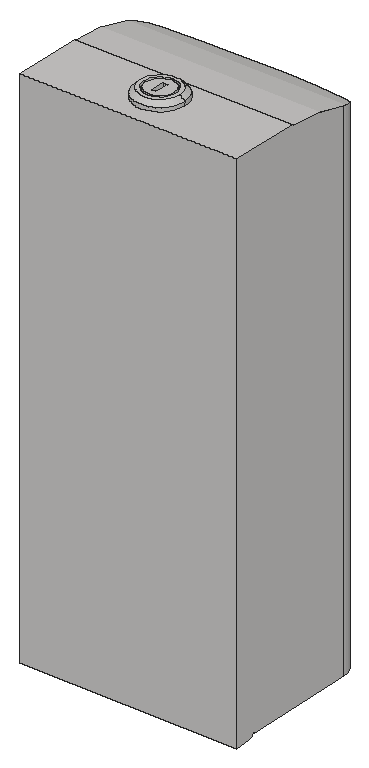
Revit family
Parameters (values of type "Type 1")
  WarrantyDurationUnit = "10 years"
  WarrantyDescription = "Any manufacturing defect"
  Version = "v1"
  URL = "http://www.delabie.com"
  Type Comments = "Liquid soap dispenser with soft-touch operation"
  Shape = "Rectangle"
  SerialNumber = "3456330141888"
  ProductInformation = "http://www.delabie.com/products/510580"
  Operation = "Soft touch"
  NominalWidth = 89 mm
  NominalLength = 104 mm
  NominalHeight = 252 mm
  Name = "Liquid soap dispenser"
  ModelNumber = "510580"
  Model = "Liquid soap dispenser"
  Material = 304 stainless steel
  ManufacturerURL = "http://www.delabie.com"
  ManufacturerName = "DELABIE"
  Manufacturer = "DELABIE"
  IntegralAccessoryOptions = "Hand dryer"
  Finish = Bright polished
  Features  = "Liquid soap dispenser, vandal-resistant model with lock.\r\nOne-piece hinged cover for easy maintenance and improved hygiene.\r\nPush-button with soft-touch operation.\r\nAnti-blocking: single dose per press, even when the button is held in pressed position.\r\nWaste preventing, non-drip (waterproof).\r\nReservoir prevents long-term stagnation of soap.\r\nWindow allows soap level to be checked.\r\n304 stainless steel, bright polished finish.\r\nMetal thickness: 1mm.\r\nCapacity: 1 litre.\r\nDimensions: 89 x 104 x 252mm.\r\nFor vegetable-based liquid soap with a maximum viscosity of 3,000 mPa.s."
  Description = "French manufacturer Delabie is a leader in the European sanitary ware market for non-domestic places. Water controls, solutions for disabled people, sanitary ware, for schools, leisure centres, offices, hospitals, airports…"
  Category = "Soap dispenser"
  Assembly Code = ""
Reference planes
  plane 1 "Wall": y = 0
  plane 2 "Center (Left/Right)": x = 125
  plane 3 "Back": y = 75
  plane 4: y = 75
Text (mm)
  text "Placement Side" at (-1848.837, 1116.779, 0), in view "Ref. Level"
  text "Placement side" at (0, 1409.804, 2854.306), in view "Left"
  text "Placement side" at (0, 499.811, 2980.732), in view "Right"
Dimensions and locks
  locked: plane 3 "Back" to host wall
  locked: plane 4 to plane 3 "Back" at 0
  aligned and locked: plane 1 "Wall" to host wall
  aligned and locked: nested 1 to plane 4
Nested families
  nested 1: "510580b" at (125, 75, 1000), type "510580"
Definition of nested family "510580b"
  Parameters (values of type "510580")
    Description = ""
    URL = ""
    Type Comments = ""
    Technologie = ""
    Radius = 0 mm
    Raccordement = ""
    Profondeur = ""
    Model = ""
    Matériau 4 = none
    Matériau 3 = none
    Matériau 2 = none
    Matériau 1 = Inox 304 poli brillant
    Manufacturer = ""
    Lien notice d'installation = ""
    Lien fiche produit = ""
    Lien certification = ""
    Lien CCTP = ""
    Largeur = ""
    Hauteur = ""
    Finition = ""
    Famille de produits = ""
    Débit = ""
    Butée de température = ""
    Assembly Code = ""
    Alimentation = ""
  Reference planes
    plane 1 "Center (Front/Back)": y = 0
    plane 2: z = 0
    plane 3 "Center (Left/Right)": x = 0
  Forms (mm)
    Extrusion 1, solid, material "Inox 304 poli brillant" <- "Matériau 1"
      sketch origin (0, 0, 0) x (1, 0, 0) y (0, 1, 0)
        loop
          line (-53.36, 0) -> (-53.36, -63.447)
          arc (-53.36, -63.447) -> (-50.95, -70.191) -> (-44.81, -73.88) r 10.64
          arc (-44.81, -73.88) -> (-1.127, -79.862) -> (42.528, -73.675) r 159.737
          arc (42.528, -73.675) -> (48.093, -69.85) -> (50.235, -63.447) r 10.64
          line (50.235, -63.447) -> (50.235, 0) -> (-53.36, 0)
      from -0.161 to 251.71
    Extrusion 2, void
      sketch origin (0, 0, 0) x (0, 1, 0) y (0, 0, 1)
        loop
          line (-33.003, 251.391) -> (-33.003, 255.494) -> (-87.36, 255.494) -> (-87.36, 237.061) -> (-79.463, 239.177)
          arc (-79.463, 239.177) -> (-57.062, 248.437) -> (-33.003, 251.391) r 90.115
        loop
          line (-0.037, -0.158) -> (-7.204, 0.469)
          arc (-7.204, 0.469) -> (-8.851, 1.185) -> (-9.735, 2.748) r 2.83
          line (-9.735, 2.748) -> (-10.762, 2.748) -> (-10.762, 1.809) -> (-80.746, 3.304) -> (-80.746, -2.36) -> (2.107, -4.129) -> (2.107, -0.158) -> (-0.037, -0.158)
      from -63.251 to 55.235
    Extrusion 3, void
      sketch origin (0, 0, 0) x (1, 0, 0) y (0, 0, 1)
        loop
          line (-4, 63.677) -> (1, 63.677) -> (1, 96.278)
          arc (1, 96.278) -> (-1.5, 98.778) -> (-4, 96.278) r 2.5
          line (-4, 96.278) -> (-4, 63.677)
      from 79.045 to 90
    Extrusion 4, solid, material "Inox 304 poli brillant" <- "Matériau 1"
      sketch origin (0, 0, 0) x (1, 0, 0) y (0, 0, 1)
        loop
          circle (-1.444, 27.685) r 18.117
      from 73.487 to 81.64
    Extrusion 5, solid, material "Inox 304 poli brillant" <- "Matériau 1"
      sketch origin (0, -0.156, -0.469) x (1, 0, 0) y (0, 0, 1)
        loop
          circle (-1.418, 28.416) r 14.919
      from 81.589 to 89.534
    Sweep 6, solid, material "Inox 304 poli brillant" <- "Matériau 1"
      path origin (0, 0, -0.547) x (0, 1, 0) y (0, 0, 1)
        loop
          line (-18.097, 256.287) -> (-18.097, 252.287)
      profile origin (0, -18.097, 253.74) x (1, 0, 0) y (0, 1, 0)
        loop
          circle (-1.612, -0.823) r 11.649
    Sweep 7, void
      path origin (0, 0, 0) x (1, 0, 0) y (0, 1, 0)
        loop
          circle (-1.612, -18.919) r 11.649
      profile origin (-1.612, -7.27, 0) x (0, -1, 0) y (0, 0, 1)
        loop
          line (-0.559, 252.995) -> (3.268, 256.822) -> (-0.559, 256.822) -> (-0.559, 252.995)
        loop
          line (3.932, 256.287) -> (3.932, 254.66) -> (4.932, 254.66) -> (4.932, 256.287) -> (3.932, 256.287)
    Sweep 8, void
      path origin (0, 0, 0) x (0, 1, 0) y (0, 0, 1)
        loop
          line (-18.932, 257.887) -> (-18.932, 253.29)
      profile origin (0, -18.932, 255.589) x (1, 0, 0) y (0, 1, 0)
        loop
          line (-2.696, 3.765) -> (-2.696, -3.232) -> (-0.713, -3.232) -> (-0.713, 3.765) -> (-2.696, 3.765)
    Extrusion 9, solid, material "Inox 304 poli brillant" <- "Matériau 1"
      sketch origin (-155.265, 0, 0) x (1, 0, 0) y (0, 1, 0)
        loop
          circle (153.564, -54.329) r 2.938
      from -1.956 to 6.722
  Cuts and joins
    Extrusion 2, Extrusion 3 cuts Extrusion 1
    Sweep 7, Sweep 8 cuts Sweep 6
